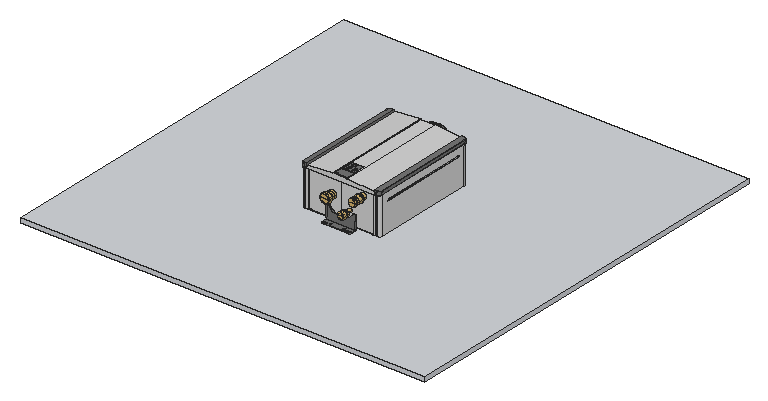
Revit family "Water_Heater-Rinnai-Ultra-Condensing-Tankless-RUC90i", category Mechanical Equipment, host Face, Revit 2012 (continued)
Definition of nested family "Water Heater"
  Automatic sketch dimensions
    plane 27 to curve 137 = 0.06257"
    curve 103 to plane 20 = 0.08334"
    curve 118 to plane 20 = 0.10317"
    plane 15 to curve 101 = 0.14131"
    curve 101 to curve 102 = 0.03504"
    plane 10 to curve 107 = 0.08799"
    plane 10 to curve 100 = 0.14922"
    plane 10 to curve 108 = 0.17772"
    plane 19 to curve 110 = 0.9498"
    curve 106 to curve 109 = 0"
    curve 100 to plane 8 = 0.68345"
    curve 112 to plane 8 = 0.65501"
    curve 112 to curve 109 = 0.08749"
    curve 114 to curve 95 = 0.34525"
    plane 8 to curve 104 = 0.05941"
    plane 8 to curve 101 = 0.05941"
    curve 102 to curve 101 = 0"
    curve 102 to curve 103 = 0.07442"
    curve 77 to plane 5 = 0"
    curve 78 to plane 8 = 0"
    plane 6 to curve 77 = 0"
    plane 8 to curve 67 = 0.22556"
    plane 5 to curve 67 = 0.52045"
    curve 69 to plane 7 = 0.41535"
    curve 67 to curve 69 = 0.48566"
    curve 69 to curve 69 = 0.02285"
    curve 68 to curve 69 = 0"
    curve 68 to curve 69 = 0.05004"
    curve 69 to curve 67 = 0.12848"
    curve 67 to curve 78 = 0.36823"
    curve 69 to curve 70 = 0.83945"
    curve 70 to curve 68 = 0"
    plane 14 to curve 86 = 0.66706"
    curve 86 to curve 83 = 0.06299"
    plane 27 to curve 81 = 0.06257"
    curve 84 to curve 81 = 0.11313"
    plane 14 to curve 82 = 0.01908"
    curve 82 to plane 14 = 0.14711"
    curve 80 to curve 82 = 0"
    curve 149 to plane 7 = 0.19831"
    plane 23 to curve 149 = 0.63676"
    curve 80 to plane 3 "Center (Left/Right)" = 0.01255"
    curve 148 to plane 7 = 0.17145"
    curve 148 to plane 12 = 0.44033"
    plane 27 to curve 87 = 0.15755"
    plane 21 to curve 87 = 0.61592"
    curve 80 to curve 87 = 0"
    plane 27 to curve 88 = 0.06257"
    curve 87 to curve 88 = 0.47629"
    curve 85 to plane 24 = 0.05637"
    plane 11 to curve 85 = 0.86344"
    curve 93 to level = 0.04045"
    curve 85 to curve 93 = 0.06299"
    plane 6 to curve 76 = 1.91844"
    curve 76 to curve 75 = 0"
    curve 79 to level = 0.04045"
    plane 6 to curve 79 = 1.52794"
    curve 79 to curve 74 = 0.3705"
    curve 73 to curve 72 = 0.13838"
    curve 72 to curve 72 = 0.03455"
    curve 75 to curve 72 = 0"
    curve 72 to curve 76 = 0.04004"
    plane 8 to curve 74 = 0.22539"
    plane 6 to curve 74 = 0.52016"
    curve 78 to level = 0.04045"
    curve 86 to level = 0.0398"
    curve 93 to plane 13 = 0.27812"
    curve 91 to curve 83 = 0.17992"
    plane 8 to curve 74 = 0.59333"
    curve 67 to curve 70 = 0.21409"
    curve 68 to curve 70 = 1/16"
    curve 73 to curve 75 = 0.15159"
    curve 75 to curve 76 = 1/16"
    Extrusion 1 sketch curve to plane 5 = 0"
    Extrusion 1 sketch curve to plane 6 = 0"
    plane 5 to Extrusion 1 sketch curve = 0.16126"
    plane 5 to Extrusion 1 sketch curve = 3/4"  (x2)
    Extrusion 1 sketch curve to plane 4 = 0.12422"
    Extrusion 1 sketch curve to Extrusion 1 sketch curve = 0.16126"  (x4)
    Extrusion 1 sketch curve to Extrusion 1 sketch curve = 0.58465"  (x2)
    plane 6 to Extrusion 1 sketch curve = 1.49591"
    Extrusion 1 sketch curve to plane 4 = 29/128"
    plane 6 to Extrusion 1 sketch curve = 0.91126"
    plane 6 to Extrusion 1 sketch curve = 0.16126"
    plane 5 to Extrusion 2 sketch curve = 1.27704"
    Extrusion 2 sketch curve to Extrusion 2 sketch curve = 7/256"  (x2)
    Extrusion 2 sketch curve to plane 3 "Center (Left/Right)" = 0.00497"
    plane 3 "Center (Left/Right)" to Extrusion 2 sketch curve = 0.00974"
    plane 6 to Extrusion 2 sketch curve = 1.30439"
    Sweep 3 sketch curve to plane 6 = 0"
    Sweep 3 sketch curve to plane 5 = 0"
    Sweep 3 sketch curve to plane 4 = 0.12422"
    plane 6 to Sweep 3 sketch curve = 3/4"  (x2)
    Sweep 3 sketch curve to Sweep 3 sketch curve = 0.74591"  (x2)
    plane 5 to Sweep 3 sketch curve = 1.49591"
    plane 5 to Sweep 3 sketch curve = 3/4"
    Sweep 3 sketch curve to profile plane = 0"  (x2)
    Sweep 3 sketch curve to Sweep 3 sketch curve = 0.0315"
    Extrusion 5 sketch curve to plane 4 = 0"
    Extrusion 5 sketch curve to Extrusion 5 sketch curve = 0.59345"
    Extrusion 5 sketch curve to Extrusion 5 sketch curve = 0.61479"
    plane 6 to Extrusion 5 sketch curve = 0.66792"
    Extrusion 6 sketch curve to plane 5 = 0.02756"
    plane 5 to Extrusion 6 sketch curve = 0.72244"  (x2)
    Extrusion 6 sketch curve to plane 4 = 1/128"  (x2)
    Extrusion 6 sketch curve to Extrusion 6 sketch curve = 0.435"
    plane 6 to Extrusion 6 sketch curve = 1.15744"
    plane 6 to Extrusion 6 sketch curve = 0.72244"  (x2)
    Extrusion 6 sketch curve to plane 6 = 0.02756"
    Extrusion 7 sketch curve to plane 5 = 0"
    plane 16 to Extrusion 7 sketch curve = 0.72706"
    plane 5 to Extrusion 8 sketch curve = 1.27704"
    Extrusion 8 sketch curve to Extrusion 8 sketch curve = 7/256"  (x2)
    Extrusion 8 sketch curve to plane 3 "Center (Left/Right)" = 0.00497"
    plane 3 "Center (Left/Right)" to Extrusion 8 sketch curve = 0.00974"
    plane 6 to Extrusion 8 sketch curve = 1.30439"
    plane 7 to Extrusion 9 sketch curve = 0.05435"
    Extrusion 9 sketch curve to plane 23 = 0.11207"
    plane 7 to Extrusion 9 sketch curve = 0.00161"  (x2)
    plane 23 to Extrusion 9 sketch curve = 0.08478"
    Extrusion 9 sketch curve to plane 7 = 0.15611"  (x2)
    Extrusion 9 sketch curve to Extrusion 9 sketch curve = 0.27318"
    Extrusion 9 sketch curve to Extrusion 9 sketch curve = 0.15748"  (x2)
    Extrusion 9 sketch curve to plane 12 = 0.43849"
    Extrusion 9 sketch curve to plane 21 = 0.06324"
    plane 21 to Extrusion 9 sketch curve = 0.13361"  (x2)
    Extrusion 9 sketch curve to plane 7 = 0.33935"
    Extrusion 9 sketch curve to Extrusion 9 sketch curve = 0.0422"
    plane 5 to Extrusion 10 sketch curve = 0.16126"
    Extrusion 10 sketch curve to Extrusion 10 sketch curve = 3/4"  (x2)
    Extrusion 10 sketch curve to Extrusion 10 sketch curve = 0.58465"
    plane 6 to Extrusion 10 sketch curve = 0.91126"  (x2)
    Extrusion 10 sketch curve to plane 4 = 29/128"
    plane 6 to Extrusion 10 sketch curve = 0.16126"
    plane 19 to Revolve 11 sketch curve = 0.25066"  (x2)
    Revolve 11 sketch curve to Revolve 11 sketch curve = 0.19632"
    Revolve 11 sketch curve to Revolve 11 sketch curve = 1.16267"
    Revolve 11 sketch curve to Revolve 11 sketch curve = 0.13556"
    plane 19 to Revolve 11 sketch curve = 0.03937"
    Revolve 11 sketch curve to plane 16 = 5.03831"
    Revolve 11 sketch curve to Revolve 11 sketch curve = 0.19606"
    plane 19 to Revolve 12 sketch curve = 0.25066"  (x2)
    Revolve 12 sketch curve to Revolve 12 sketch curve = 0.19632"
    Revolve 12 sketch curve to Revolve 12 sketch curve = 1.16267"
    Revolve 12 sketch curve to Revolve 12 sketch curve = 0.13556"
    plane 19 to Revolve 12 sketch curve = 0.03937"
    Revolve 12 sketch curve to plane 16 = 5.03831"
    Revolve 12 sketch curve to Revolve 12 sketch curve = 0.19606"
    Sweep 14 sketch curve to plane 3 "Center (Left/Right)" = 1/64"
    Sweep 14 sketch curve to plane 22 = 0.9765"
    Sweep 14 sketch curve to Sweep 14 sketch curve = 0"  (x4)
    Sweep 14 sketch curve to profile plane = 0"  (x2)
    profile plane to Sweep 14 sketch curve = 1.21666"
    profile plane to Sweep 14 sketch curve = 1.21033"
    Sweep 14 sketch curve to Sweep 14 sketch curve = 0.0386"
    Sweep 14 sketch curve to profile plane = 0.1979"
    Sweep 14 sketch curve to Sweep 14 sketch curve = 0.05055"
    Sweep 14 sketch curve to Sweep 14 sketch curve = 0.24211"
    Sweep 14 sketch curve to profile plane = 0.11491"
    Sweep 14 sketch curve to Sweep 14 sketch curve = 0.01705"
    Sweep 14 sketch curve to Sweep 14 sketch curve = 0.00185"
    Sweep 14 sketch curve to profile plane = 0.13491"
    Sweep 14 sketch curve to Sweep 14 sketch curve = 0.01471"
    Sweep 14 sketch curve to Sweep 14 sketch curve = 0.01869"
    Sweep 14 sketch curve to Sweep 14 sketch curve = 0.03188"
    Sweep 14 sketch curve to Sweep 14 sketch curve = 0.00379"
    Sweep 14 sketch curve to Sweep 14 sketch curve = 0.01985"
    Sweep 14 sketch curve to Sweep 14 sketch curve = 0.02907"
    Sweep 14 sketch curve to Sweep 14 sketch curve = 0.02"
    Sweep 14 sketch curve to Sweep 14 sketch curve = 0.11289"
    Sweep 14 sketch curve to Sweep 14 sketch curve = 0.02082"
    Sweep 14 sketch curve to Sweep 14 sketch curve = 0.0196"
    Sweep 14 sketch curve to Sweep 14 sketch curve = 0.17385"
    Sweep 14 sketch curve to Sweep 14 sketch curve = 0.03347"
    Sweep 14 sketch curve to Sweep 14 sketch curve = 0.16817"
    Sweep 14 sketch curve to profile plane = 0.03937"
    Sweep 14 sketch curve to Sweep 14 sketch curve = 0.03937"
    Sweep 14 sketch curve to Sweep 14 sketch curve = 0.07401"
    Sweep 14 sketch curve to Sweep 14 sketch curve = 0.19685"
    Sweep 14 sketch curve to Sweep 14 sketch curve = 0.0842"
    Sweep 14 sketch curve to Sweep 14 sketch curve = 0.00051"
    Sweep 14 sketch curve to Sweep 14 sketch curve = 0.02307"
    Sweep 14 sketch curve to Sweep 14 sketch curve = 0.14317"
    Sweep 14 sketch curve to Sweep 14 sketch curve = 1.09677"
    Sweep 14 sketch curve to Sweep 14 sketch curve = 0.08034"
    Sweep 14 sketch curve to Sweep 14 sketch curve = 0.12287"
    Sweep 14 sketch curve to Sweep 14 sketch curve = 0.03219"
    Extrusion 15 sketch curve to plane 3 "Center (Left/Right)" = 1/64"
    plane 19 to Extrusion 15 sketch curve = 1.02793"
    Revolve 16 sketch curve to plane 14 = 0.12393"
    Revolve 16 sketch curve to Revolve 16 sketch curve = 0.03504"
    plane 23 to Revolve 16 sketch curve = 0.13583"
    Revolve 16 sketch curve to Revolve 16 sketch curve = 0.1564"
    Revolve 16 sketch curve to plane 3 "Center (Left/Right)" = 0.00981"
    Revolve 16 sketch curve to plane 16 = 1.00882"
    Revolve 16 sketch curve to plane 16 = 0.68789"
    Revolve 16 sketch curve to Revolve 16 sketch curve = 0.037"
    Revolve 16 sketch curve to Revolve 16 sketch curve = 0.07874"
    plane 16 to Revolve 16 sketch curve = 0.72706"  (x2)
    plane 5 to Revolve 17 sketch curve = 1.26381"
    Revolve 17 sketch curve to Revolve 17 sketch curve = 0.08779"
    Revolve 17 sketch curve to Revolve 17 sketch curve = 1.97914"
    Revolve 17 sketch curve to Revolve 17 sketch curve = 0"  (x3)
    plane 4 to Revolve 17 sketch curve = 0.16817"
    Revolve 17 sketch curve to Revolve 17 sketch curve = 0.98144"
    Revolve 17 sketch curve to Revolve 17 sketch curve = 0.07874"
    plane 22 to Extrusion 18 sketch curve = 0.06809"
    plane 5 to Extrusion 18 sketch curve = 0.96853"
    Extrusion 18 sketch curve to plane 8 = 0.34525"
    Extrusion 18 sketch curve to Extrusion 18 sketch curve = 1 1/4"
    Extrusion 18 sketch curve to plane 10 = 0.28029"
    plane 14 to Extrusion 18 sketch curve = 1.91706"  (x2)
    Extrusion 18 sketch curve to plane 19 = 0.0894"
    plane 14 to Extrusion 19 sketch curve = 0.07257"
    plane 8 to Extrusion 19 sketch curve = 0.24136"
    plane 23 to Extrusion 19 sketch curve = 0.91142"  (x2)
    Extrusion 19 sketch curve to plane 20 = 0.10317"
    Extrusion 19 sketch curve to plane 12 = 0.02294"  (x2)
    Extrusion 19 sketch curve to plane 19 = 0.17601"
    plane 14 to Extrusion 20 sketch curve = 0.60587"
    Extrusion 20 sketch curve to Extrusion 20 sketch curve = 0.21663"
    Extrusion 20 sketch curve to Extrusion 20 sketch curve = 0.08337"
    Extrusion 20 sketch curve to Extrusion 20 sketch curve = 0.11714"  (x2)
    Extrusion 20 sketch curve to plane 14 = 0.10821"
    Extrusion 20 sketch curve to plane 23 = 0.24361"
    plane 23 to Extrusion 20 sketch curve = 0.53101"
    Extrusion 20 sketch curve to plane 12 = 0.3808"
    plane 21 to Extrusion 20 sketch curve = 0.23419"
    Extrusion 20 sketch curve to Extrusion 20 sketch curve = 0.41418"
    Extrusion 20 sketch curve to Extrusion 20 sketch curve = 0.26687"
    Extrusion 20 sketch curve to Extrusion 20 sketch curve = 0.02665"
    plane 11 to Extrusion 20 sketch curve = 0.8645"
    Extrusion 20 sketch curve to Extrusion 20 sketch curve = 0.06998"  (x2)
    Extrusion 20 sketch curve to Extrusion 20 sketch curve = 0.07943"  (x2)
    Extrusion 20 sketch curve to Extrusion 20 sketch curve = 0.07035"
    Extrusion 20 sketch curve to Extrusion 20 sketch curve = 0.10791"  (x2)
    Extrusion 21 sketch curve to plane 28 = 0"
    plane 29 to Extrusion 21 sketch curve = 0"
    plane 28 to Extrusion 21 sketch curve = 0.11313"
    plane 14 to Extrusion 21 sketch curve = 0.01908"
    Extrusion 21 sketch curve to plane 14 = 0.14711"
    Extrusion 21 sketch curve to Extrusion 21 sketch curve = 0"  (x2)
    Extrusion 21 sketch curve to plane 3 "Center (Left/Right)" = 0.01255"
    plane 27 to Extrusion 21 sketch curve = 0.15755"
    plane 21 to Extrusion 21 sketch curve = 0.61592"
    plane 27 to Extrusion 21 sketch curve = 0.06257"
    Extrusion 21 sketch curve to Extrusion 21 sketch curve = 0.16453"
    plane 29 to Extrusion 21 sketch curve = 0.10742"
    Extrusion 21 sketch curve to plane 24 = 0.05637"
    Extrusion 22 sketch curve to Extrusion 22 sketch curve = 0.11952"
    Extrusion 22 sketch curve to plane 25 = 0.01157"
    Extrusion 22 sketch curve to Extrusion 22 sketch curve = 0.12047"
    Extrusion 22 sketch curve to plane 13 = 0.39764"
    Extrusion 23 sketch curve to level = 0.02001"
    Extrusion 23 sketch curve to Extrusion 23 sketch curve = 0.12"
    Extrusion 23 sketch curve to Extrusion 23 sketch curve = 0.12047"
    plane 27 to Extrusion 23 sketch curve = 0.47562"
    Extrusion 24 sketch curve to plane 14 = 0.60587"
    Extrusion 24 sketch curve to Extrusion 24 sketch curve = 0.21663"
    Extrusion 24 sketch curve to Extrusion 24 sketch curve = 0.08337"
    Extrusion 24 sketch curve to Extrusion 24 sketch curve = 0.11714"  (x2)
    plane 14 to Extrusion 24 sketch curve = 0.10821"
    plane 23 to Extrusion 24 sketch curve = 0.24361"
    Extrusion 24 sketch curve to plane 23 = 0.53101"
    plane 12 to Extrusion 24 sketch curve = 0.3808"
    Extrusion 24 sketch curve to plane 21 = 0.23419"
    Extrusion 24 sketch curve to Extrusion 24 sketch curve = 0.41418"
    Extrusion 24 sketch curve to Extrusion 24 sketch curve = 0.26687"
    Extrusion 24 sketch curve to Extrusion 24 sketch curve = 0.02665"
    plane 4 to Extrusion 24 sketch curve = 0.12422"
    Extrusion 24 sketch curve to plane 11 = 0.8645"
    Extrusion 24 sketch curve to plane 4 = 0.76189"  (x2)
    Extrusion 24 sketch curve to plane 4 = 0.89402"  (x2)
    Extrusion 24 sketch curve to Extrusion 24 sketch curve = 0.06998"  (x2)
    Extrusion 24 sketch curve to Extrusion 24 sketch curve = 0.07943"  (x2)
    Extrusion 24 sketch curve to Extrusion 24 sketch curve = 0.07035"
    Extrusion 24 sketch curve to Extrusion 24 sketch curve = 0.10791"  (x2)
    Extrusion 25 sketch curve to plane 30 = 0"
    plane 31 to Extrusion 25 sketch curve = 0"
    plane 30 to Extrusion 25 sketch curve = 0.11313"
    plane 14 to Extrusion 25 sketch curve = 0.01908"
    Extrusion 25 sketch curve to plane 14 = 0.14711"
    Extrusion 25 sketch curve to Extrusion 25 sketch curve = 0"  (x2)
    Extrusion 25 sketch curve to plane 3 "Center (Left/Right)" = 0.01255"
    plane 27 to Extrusion 25 sketch curve = 0.15755"
    plane 21 to Extrusion 25 sketch curve = 0.61592"
    plane 27 to Extrusion 25 sketch curve = 0.06257"
    Extrusion 25 sketch curve to Extrusion 25 sketch curve = 0.16453"
    plane 31 to Extrusion 25 sketch curve = 0.10742"
    Extrusion 25 sketch curve to plane 24 = 0.05637"
    plane 13 to Extrusion 26 sketch curve = 0.39764"
    Extrusion 26 sketch curve to plane 4 = 0.2455"
    Extrusion 26 sketch curve to Extrusion 26 sketch curve = 0.11952"
    plane 25 to Extrusion 26 sketch curve = 0.01157"
    Extrusion 26 sketch curve to Extrusion 26 sketch curve = 0.12047"
    Extrusion 26 sketch curve to Extrusion 26 sketch curve = 0.15607"
    level to Extrusion 27 sketch curve = 0.02001"
    Extrusion 27 sketch curve to plane 4 = 0.2455"
    Extrusion 27 sketch curve to Extrusion 27 sketch curve = 0.12"
    Extrusion 27 sketch curve to Extrusion 27 sketch curve = 0.12047"
    plane 4 to Extrusion 27 sketch curve = 0.03009"
    Extrusion 27 sketch curve to plane 27 = 0.47562"
    Masking region 1 sketch curve to plane 4 = 0"  (x2)
    Masking region 1 sketch curve to plane 5 = 0.01381"
    plane 5 to Masking region 1 sketch curve = 0.72244"  (x2)
    Masking region 1 sketch curve to plane 4 = 1/128"
    Masking region 1 sketch curve to Masking region 1 sketch curve = 0.24092"
    Masking region 1 sketch curve to Masking region 1 sketch curve = 0.30044"
    plane 4 to Masking region 1 sketch curve = 0.16817"
    Masking region 1 sketch curve to Masking region 1 sketch curve = 0.38823"
    plane 14 to Masking region 1 sketch curve = 1.05024"
    Masking region 1 sketch curve to Masking region 1 sketch curve = 0.0879"
    Masking region 1 sketch curve to Masking region 1 sketch curve = 0.38318"
    plane 14 to Masking region 1 sketch curve = 0.07257"
    plane 14 to Masking region 1 sketch curve = 0.03453"
    Masking region 1 sketch curve to plane 14 = 0.00484"
    Masking region 1 sketch curve to plane 14 = 0.06748"
    Masking region 1 sketch curve to Masking region 1 sketch curve = 0.04668"  (x2)
    Masking region 1 sketch curve to plane 14 = 0.12393"
    Masking region 1 sketch curve to Masking region 1 sketch curve = 0.03504"  (x2)
    plane 23 to Masking region 1 sketch curve = 0.13583"
    Masking region 1 sketch curve to plane 21 = 0.13376"
    plane 21 to Masking region 1 sketch curve = 0.60911"
    plane 4 to Masking region 1 sketch curve = 0.25285"
    plane 21 to Masking region 1 sketch curve = 0.6422"
    Masking region 1 sketch curve to Masking region 1 sketch curve = 0.10737"
    Masking region 1 sketch curve to Masking region 1 sketch curve = 0.03937"  (x3)
    Masking region 1 sketch curve to Masking region 1 sketch curve = 0.15177"
    plane 6 to Masking region 1 sketch curve = 0.72244"
    plane 6 to Masking region 1 sketch curve = 0.67054"
    Masking region 1 sketch curve to plane 6 = 0.01381"
    Masking region 1 sketch curve to Masking region 1 sketch curve = 3/4"
    plane 4 to Masking region 1 sketch curve = 0.16929"
    plane 4 to Masking region 1 sketch curve = 0.22589"
    Masking region 1 sketch curve to Masking region 1 sketch curve = 0.02695"  (x2)
    Masking region 1 sketch curve to Masking region 1 sketch curve = 0.98144"
    Masking region 1 sketch curve to Masking region 1 sketch curve = 0.98031"
    Masking region 1 sketch curve to Masking region 1 sketch curve = 0.07874"  (x2)
    Masking region 1 sketch curve to plane 16 = 0.92411"  (x2)
    Masking region 1 sketch curve to Masking region 1 sketch curve = 0.19685"  (x2)
    Masking region 1 sketch curve to Masking region 1 sketch curve = 0.037"  (x2)
    Masking region 1 sketch curve to plane 16 = 0.57215"
    plane 16 to Masking region 1 sketch curve = 0.72706"
    Masking region 2 sketch curve to plane 5 = 0"
    plane 6 to Masking region 2 sketch curve = 0"
    Masking region 2 sketch curve to plane 24 = 0"
    plane 24 to Masking region 4 sketch curve = 0"
    plane 16 to Masking region 4 sketch curve = 0.72706"
    Masking region 5 sketch curve to plane 8 = 0"
    Masking region 5 sketch curve to level = 0.04124"
    Masking region 5 sketch curve to plane 4 = 0.12288"
    Masking region 5 sketch curve to plane 16 = 2.67"
    Masking region 5 sketch curve to plane 15 = 0.02389"
    Masking region 5 sketch curve to Masking region 5 sketch curve = 0.34877"
    Masking region 5 sketch curve to Masking region 5 sketch curve = 0.22589"
    Masking region 5 sketch curve to Masking region 5 sketch curve = 0.06793"
    plane 15 to Masking region 5 sketch curve = 0.08481"
    Masking region 5 sketch curve to plane 16 = 1.04598"
    Masking region 5 sketch curve to Masking region 5 sketch curve = 0.03716"
    plane 8 to Masking region 5 sketch curve = 0.04817"
    Masking region 5 sketch curve to plane 16 = 0.92411"
    Masking region 5 sketch curve to Masking region 5 sketch curve = 0.08471"
    Masking region 5 sketch curve to Masking region 5 sketch curve = 0.19685"  (x2)
    Masking region 5 sketch curve to plane 20 = 0.08334"
    Masking region 5 sketch curve to Masking region 5 sketch curve = 0.03937"  (x3)
    Masking region 5 sketch curve to Masking region 5 sketch curve = 0.037"  (x2)
    Masking region 5 sketch curve to Masking region 5 sketch curve = 0.07874"  (x2)
    plane 10 to Masking region 5 sketch curve = 0.14922"
    plane 16 to Masking region 5 sketch curve = 0.72706"
    Masking region 5 sketch curve to Masking region 5 sketch curve = 0.08089"
    plane 15 to Masking region 5 sketch curve = 0.0686"
    plane 15 to Masking region 5 sketch curve = 0.14131"
    Masking region 5 sketch curve to Masking region 5 sketch curve = 0.03504"  (x2)
    Masking region 5 sketch curve to plane 8 = 0.68345"
    plane 8 to Masking region 5 sketch curve = 0.05941"
    Masking region 5 sketch curve to Masking region 5 sketch curve = 0.03505"
    Masking region 5 sketch curve to Masking region 5 sketch curve = 0.08566"
    plane 8 to Masking region 5 sketch curve = 0.24136"
    Masking region 6 sketch curve to plane 5 = 0"
    Masking region 6 sketch curve to plane 6 = 0"
    plane 16 to Masking region 6 sketch curve = 0.72706"
    plane 23 to Extrusion 28 sketch curve = 0.63676"
    Extrusion 28 sketch curve to Extrusion 28 sketch curve = 0.06"  (x3)
    Extrusion 28 sketch curve to plane 12 = 0.38033"  (x2)
    Extrusion 28 sketch curve to Extrusion 28 sketch curve = 1.755"
    curve 67 to curve 69 = 0.33187"
    curve 73 to curve 75 = 0.07509"
    Extrusion 13 sketch curve to plane 5 = 0.23785"
    Extrusion 13 sketch curve to plane 5 = 0.03521"
    plane 5 to Extrusion 13 sketch curve = 0.03289"
    Extrusion 13 sketch curve to Extrusion 13 sketch curve = 0"  (x2)
    plane 5 to Extrusion 13 sketch curve = 0.04544"
    plane 8 to Extrusion 13 sketch curve = 0.19414"  (x2)
    plane 5 to Extrusion 13 sketch curve = 1.15744"
    plane 8 to Extrusion 13 sketch curve = 0.02539"  (x2)
    Extrusion 13 sketch curve to Extrusion 13 sketch curve = 0.17596"
    Extrusion 13 sketch curve to plane 3 "Center (Left/Right)" = 0.02677"
    plane 3 "Center (Left/Right)" to Extrusion 13 sketch curve = 0.01184"
    plane 6 to Extrusion 13 sketch curve = 1.35744"
    Extrusion 13 sketch curve to Extrusion 13 sketch curve = 0.2"
    plane 6 to Extrusion 13 sketch curve = 0.06604"
    plane 6 to Extrusion 13 sketch curve = 0.05362"
    Extrusion 13 sketch curve to plane 6 = 0.01381"
    Extrusion 13 sketch curve to plane 6 = 0.21381"
    plane 24 to Extrusion 13 sketch curve = 48.09837"
    Extrusion 13 sketch curve to Extrusion 13 sketch curve = 0.0012"
    Extrusion 1 sketch curve to Extrusion 1 sketch curve = 0.06299"  (x2)
    Extrusion 2 sketch curve to Extrusion 2 sketch curve = 0.01019"
    Extrusion 8 sketch curve to Extrusion 8 sketch curve = 0.01019"
    plane 1 "Center (Front/Back)" to curve 99 = 10.76797"
    curve 137 to curve 96 = 2.02615"
    curve 141 to curve 137 = 0.00051"
    curve 135 to curve 137 = 0.07826"
    plane 1 "Center (Front/Back)" to Extrusion 1 sketch curve = 12.00728"  (x2)
    plane 1 "Center (Front/Back)" to Extrusion 2 sketch curve = 12.75728"
    plane 1 "Center (Front/Back)" to Sweep 3 sketch curve = 12.07027"  (x2)
    Extrusion 5 sketch curve to Extrusion 5 sketch curve = 0.68312"
    plane 1 "Center (Front/Back)" to Extrusion 5 sketch curve = 12.46688"
    plane 1 "Center (Front/Back)" to Extrusion 6 sketch curve = 12.4"  (x2)
    plane 1 "Center (Front/Back)" to Extrusion 7 sketch curve = 14.56214"
    plane 1 "Center (Front/Back)" to Extrusion 8 sketch curve = 12.75728"
    plane 1 "Center (Front/Back)" to Extrusion 10 sketch curve = 12.00728"
    plane 1 "Center (Front/Back)" to Revolve 11 sketch curve = 9.47992"
    plane 1 "Center (Front/Back)" to Revolve 12 sketch curve = 9.47992"
    plane 1 "Center (Front/Back)" to Extrusion 20 sketch curve = 14.56214"
    Extrusion 20 sketch curve to Extrusion 20 sketch curve = 0.13195"
    Extrusion 20 sketch curve to Extrusion 20 sketch curve = 0.20211"  (x2)
    Extrusion 20 sketch curve to Extrusion 20 sketch curve = 1.14728"
    plane 1 "Center (Front/Back)" to Extrusion 22 sketch curve = 13.17362"
    Extrusion 22 sketch curve to Extrusion 22 sketch curve = 0.15607"
    plane 1 "Center (Front/Back)" to Extrusion 23 sketch curve = 13.17362"
    Extrusion 23 sketch curve to Extrusion 23 sketch curve = 0.15512"
    plane 1 "Center (Front/Back)" to Masking region 1 sketch curve = 12.4"  (x2)
    Masking region 1 sketch curve to Masking region 1 sketch curve = 0.14296"
    plane 1 "Center (Front/Back)" to Masking region 4 sketch curve = 14.56214"
    plane 1 "Center (Front/Back)" to Masking region 5 sketch curve = 12.81978"
    Masking region 5 sketch curve to Masking region 5 sketch curve = 0.73137"
    plane 1 "Center (Front/Back)" to Masking region 6 sketch curve = 14.56214"
    plane 1 "Center (Front/Back)" to Extrusion 28 sketch curve = 12.6188"
    Extrusion 9 sketch curve to Extrusion 9 sketch curve = 0.43951"
    plane 7 to Extrusion 13 sketch curve = 0.18429"  (x2)
    Masking region 2 sketch curve to plane 7 = 0.14124"
    Masking region 4 sketch curve to plane 7 = 0.14124"
    Masking region 5 sketch curve to plane 7 = 0.14124"
    curve 94 to curve 94 = 0.08577"
    Extrusion 4 sketch curve to plane 3 "Center (Left/Right)" = 0"
    Extrusion 4 sketch curve to plane 33 = 0"
    plane 23 to Extrusion 4 sketch curve = 0.65785"
    Extrusion 4 sketch curve to plane 33 = 0.56589"  (x2)
    Extrusion 4 sketch curve to plane 3 "Center (Left/Right)" = 8.09256"
    Extrusion 4 sketch curve to plane 5 = 9/32"
    Extrusion 4 sketch curve to plane 12 = 0.29613"
    plane 3 "Center (Left/Right)" to Extrusion 4 sketch curve = 8.09256"
    Extrusion 4 sketch curve to plane 6 = 9/32"
    plane 8 to Extrusion 4 sketch curve = 0.19414"  (x2)
    Masking region 3 sketch curve to plane 5 = 0"
    Masking region 3 sketch curve to plane 5 = 0.01381"
    plane 5 to Masking region 3 sketch curve = 0.05362"
    Masking region 3 sketch curve to Masking region 3 sketch curve = 0"  (x4)
    plane 5 to Masking region 3 sketch curve = 0.06604"
    plane 8 to Masking region 3 sketch curve = 0.19414"
    Masking region 3 sketch curve to Masking region 3 sketch curve = 0.46603"
    plane 8 to Masking region 3 sketch curve = 0.22539"  (x2)
    Masking region 3 sketch curve to Masking region 3 sketch curve = 0.05413"  (x2)
    Masking region 3 sketch curve to Masking region 3 sketch curve = 0.63728"
    Masking region 3 sketch curve to plane 25 = 0.01157"
    plane 14 to Masking region 3 sketch curve = 0.66706"
    Masking region 3 sketch curve to Masking region 3 sketch curve = 0.06299"
    plane 33 to Masking region 3 sketch curve = 0.02703"  (x2)
    plane 23 to Masking region 3 sketch curve = 0.28544"
    Masking region 3 sketch curve to plane 33 = 0.01487"  (x2)
    Masking region 3 sketch curve to Masking region 3 sketch curve = 0.07258"  (x2)
    plane 7 to Masking region 3 sketch curve = 0.11665"  (x2)
    Masking region 3 sketch curve to Masking region 3 sketch curve = 0.15748"
    plane 23 to Masking region 3 sketch curve = 0.65785"
    Masking region 3 sketch curve to plane 3 "Center (Left/Right)" = 0.01184"
    plane 3 "Center (Left/Right)" to Masking region 3 sketch curve = 0.01184"
    Masking region 3 sketch curve to plane 12 = 0.29613"
    Masking region 3 sketch curve to plane 12 = 0.43849"
    Masking region 3 sketch curve to plane 24 = 0.00215"
    plane 11 to Masking region 3 sketch curve = 0.86256"
    Masking region 3 sketch curve to plane 25 = 0.01186"
    Masking region 3 sketch curve to Masking region 3 sketch curve = 0.06133"
    Masking region 3 sketch curve to plane 33 = 0.14924"
    plane 6 to Masking region 3 sketch curve = 1.15744"
    plane 6 to Masking region 3 sketch curve = 0.52016"
    plane 6 to Masking region 3 sketch curve = 0.06604"
    plane 6 to Masking region 3 sketch curve = 0.05362"
    Masking region 3 sketch curve to plane 6 = 0.00046"
    Masking region 3 sketch curve to Masking region 3 sketch curve = 0.07985"
    Masking region 3 sketch curve to Masking region 3 sketch curve = 21.46811"
    Masking region 3 sketch curve to level = 0.04046"
    Masking region 3 sketch curve to level = 0.04045"
    Masking region 3 sketch curve to Masking region 3 sketch curve = 1/32"
    curve 1 to plane 32 = 0"
    curve 13 to plane 4 = 0"
    curve 3 to plane 32 = 0"
    curve 4 to plane 32 = 0"
    curve 57 to plane 4 = 0"
    curve 58 to plane 4 = 0"
    curve 2 to plane 32 = 0"
    curve 1 to plane 4 = 1/128"
    plane 5 to curve 1 = 0.91417"
    plane 4 to curve 6 = 0.16817"
    curve 1 to curve 6 = 0.43742"
    curve 5 to curve 6 = 0"  (x2)
    plane 14 to curve 6 = 1.05012"
    curve 6 to curve 47 = 0.38306"
    curve 13 to curve 48 = 0"
    curve 13 to curve 46 = 0.06119"
    plane 32 to curve 24 = 0.01515"
    plane 14 to curve 24 = 0.60587"
    curve 46 to curve 51 = 0.21663"
    curve 24 to curve 27 = 0.21663"
    plane 14 to curve 45 = 0.30587"
    plane 14 to curve 22 = 0.30587"
    curve 26 to curve 26 = 0.11714"
    curve 52 to curve 51 = 0.11714"
    plane 4 to curve 49 = 0.0329"
    plane 14 to curve 49 = 0.07052"
    plane 14 to curve 10 = 0.03453"
    curve 12 to plane 14 = 0.07083"
    curve 31 to plane 14 = 0.10821"
    curve 54 to plane 14 = 0.10821"
    curve 11 to plane 14 = 0.11"
    curve 44 to plane 14 = 0.1136"
    curve 9 to plane 14 = 0.15897"
    curve 8 to curve 9 = 0"
    curve 33 to plane 23 = 0.24361"
    curve 3 to plane 23 = 0.11207"
    plane 23 to curve 7 = 0.13583"
    plane 23 to curve 34 = 0.53101"
    plane 23 to curve 17 = 0.63676"
    curve 17 to curve 18 = 0.06"
    curve 15 to curve 15 = 0.06"
    curve 21 to plane 12 = 0.38033"
    curve 19 to plane 12 = 0.38033"
    curve 35 to plane 12 = 0.3808"
    curve 21 to curve 20 = 0.06"
    curve 7 to plane 21 = 0.13386"
    plane 21 to curve 4 = 0.13361"
    plane 21 to curve 36 = 0.23419"
    plane 21 to curve 8 = 0.60901"
    curve 9 to curve 8 = 0"
    curve 9 to curve 11 = 0.03166"
    curve 55 to curve 11 = 0"
    curve 36 to curve 39 = 0.41418"
    curve 55 to curve 65 = 0.00771"
    plane 4 to curve 12 = 0.22589"
    curve 4 to curve 12 = 0.55216"
    curve 9 to curve 10 = 0.18188"
    curve 12 to curve 13 = 0.15478"
    curve 59 to curve 13 = 0"
    curve 65 to curve 62 = 0.26687"
    curve 36 to curve 40 = 0.26687"
    curve 61 to curve 61 = 0.11714"
    curve 41 to curve 41 = 0.11714"
    curve 61 to curve 55 = 0.02665"
    curve 40 to curve 22 = 0.02665"
    plane 4 to curve 60 = 0.2455"
    curve 59 to curve 60 = 0.52256"
    plane 32 to curve 25 = 0.00202"
    plane 11 to curve 25 = 0.8645"
    curve 60 to curve 58 = 0.06406"
    plane 6 to curve 2 = 0.91417"
    curve 34 to plane 32 = 0.82618"
    curve 35 to plane 32 = 0.82618"
    curve 29 to plane 32 = 0.9583"
    curve 42 to plane 32 = 0.9583"
    curve 33 to curve 26 = 0.06998"
    curve 39 to curve 41 = 0.06998"
    curve 40 to curve 41 = 0.07943"
    curve 28 to curve 26 = 0.07943"
    curve 66 to curve 40 = 0.07035"
    curve 31 to curve 31 = 0.10791"
    curve 39 to curve 39 = 0.10791"
    plane 32 to curve 18 = 0.5312"
    curve 16 to curve 16 = 1.755"
    curve 2 to plane 4 = 1/128"
    curve 13 to curve 59 = 0.0329"
    curve 49 to curve 48 = 0.13639"
    curve 48 to curve 48 = 0.07621"
    curve 47 to curve 52 = 0.64852"
    curve 12 to curve 62 = 0.66812"
    curve 62 to curve 65 = 0.06998"
    curve 51 to curve 54 = 0.06998"
    curve 63 to curve 64 = 0.07943"
    curve 51 to curve 50 = 0.07943"
    curve 61 to curve 57 = 0.07035"
    curve 50 to curve 45 = 0.07441"
    curve 65 to curve 65 = 0.10791"
    curve 54 to curve 54 = 0.10791"
    curve 6 to curve 5 = 0.98144"
    curve 55 to curve 11 = 0.39803"
    curve 11 to curve 10 = 0.19685"
    curve 10 to curve 9 = 0.03937"
    curve 9 to curve 8 = 0.037"
    curve 7 to plane 16 = 0.57215"
    curve 147 to curve 99 = 2.75755"
    curve 15 to curve 154 = 0.07121"
    curve 154 to curve 155 = 0.06"
    curve 153 to curve 153 = 0.06151"
    curve 153 to curve 162 = 0.33943"
    curve 161 to curve 160 = 0.03527"
    curve 162 to curve 166 = 0.04"
    curve 165 to curve 169 = 0.03926"
    curve 155 to curve 170 = 0.4202"
    curve 168 to curve 168 = 1/4"
    curve 170 to curve 171 = 1/4"
    curve 163 to plane 3 "Center (Left/Right)" = 0.08965"
    curve 163 to curve 163 = 0.04"
    curve 167 to curve 167 = 0.04"
    plane 3 "Center (Left/Right)" to curve 173 = 0.43832"
    plane 3 "Center (Left/Right)" to curve 174 = 0.43832"
    curve 172 to curve 172 = 1/4"
    curve 174 to curve 175 = 1/4"
    curve 159 to plane 12 = 0.15896"
    curve 157 to plane 12 = 0.15896"
    curve 157 to curve 158 = 0.06"
    curve 15 to curve 155 = 0.0617"
    curve 155 to curve 170 = 0.46178"
    curve 170 to curve 173 = 0"
    curve 172 to curve 174 = 0.70658"
    curve 170 to curve 168 = 0.70871"
    curve 168 to curve 166 = 0.8554"
    curve 167 to curve 163 = 0.45418"
    curve 162 to curve 153 = 0.271"
    plane 23 to Extrusion 29 sketch curve = 0.76797"
    Extrusion 29 sketch curve to Extrusion 29 sketch curve = 0.06"  (x2)
    Extrusion 29 sketch curve to Extrusion 29 sketch curve = 0.06151"
    Extrusion 29 sketch curve to plane 12 = 0.15896"  (x2)
    plane 32 to Extrusion 29 sketch curve = 2.4679"
    Extrusion 29 sketch curve to Extrusion 29 sketch curve = 2.79581"
    Extrusion 30 sketch curve to plane 3 "Center (Left/Right)" = 0.95508"
    Extrusion 30 sketch curve to Extrusion 30 sketch curve = 0.03527"
    Extrusion 30 sketch curve to Extrusion 30 sketch curve = 0.04"  (x2)
    Extrusion 30 sketch curve to plane 3 "Center (Left/Right)" = 0.62582"  (x2)
    Extrusion 30 sketch curve to plane 3 "Center (Left/Right)" = 0.08965"  (x2)
    plane 12 to Extrusion 30 sketch curve = 0.48168"  (x2)
    plane 32 to Extrusion 30 sketch curve = 2.98968"
    Extrusion 30 sketch curve to Extrusion 30 sketch curve = 0"
    Extrusion 30 sketch curve to Extrusion 30 sketch curve = 0.70658"
    Extrusion 30 sketch curve to Extrusion 30 sketch curve = 0.70871"
    Extrusion 30 sketch curve to Extrusion 30 sketch curve = 0.8554"
    Extrusion 30 sketch curve to Extrusion 30 sketch curve = 0.45418"
    radius of Sweep 14 sketch curve = 2.53"
    radius of Extrusion 15 sketch curve = 2.76047"
    radius of Extrusion 20 sketch curve = 1/4"  (x2)
    radius of Extrusion 24 sketch curve = 1/4"  (x2)
    radius of curve 34 = 1/4"
    radius of curve 35 = 1/4"
    radius of Extrusion 30 sketch curve = 1/4"  (x4)
Definition of nested family "Pipes"
  Parameters (values of type "Pipes")
    Pipe Material = Metal - Rinnai - Aluminum Frame - Brass - Stain
  Reference planes (in)
    plane 1 "Center (Front/Back)": y = 0
    plane 2: z = 0
    plane 3 "Center (Left/Right)": x = 0
    plane 4: y = 1.33858
    plane 5: z = 0.505
  Forms (in)
    Revolve 1, solid, material "Metal - Rinnai - Aluminum Frame - Brass - Stain" <- "Pipe Material", detail levels fine
      sketch origin (0, 0, 5.73209) x (1, 0, 0) y (0, 1, 0)
        loop
          line (-3.57004, -0.9459) -> (-2.57004, -0.9459) -> (-2.57004, 1.33858) -> (-3.44946, 1.33858) -> (-3.41727, 0.72441) -> (-3.47911, 0.72441) -> (-3.47911, 0.07292)
          arc (-3.47911, 0.07292) -> (-3.48697, 0.05393) -> (-3.50597, 0.04606) r 0.02686
          line (-3.50597, 0.04606) -> (-3.54269, 0.04606)
          arc (-3.54269, 0.04606) -> (-3.58891, 0.03368) -> (-3.62274, -0.00015) r 0.09243
          line (-3.62274, -0.00015) -> (-3.68471, -0.10749)
          arc (-3.68471, -0.10749) -> (-3.70531, -0.15723) -> (-3.71234, -0.21061) r 0.20624
          line (-3.71234, -0.21061) -> (-3.71234, -0.86374) -> (-3.57004, -0.9459)
        axis (-2.57004, 1.33858) -> (-2.57004, -0.9459)
      angle from 0 to 360
    Revolve 2, solid, material "Metal - Rinnai - Aluminum Frame - Brass - Stain" <- "Pipe Material", detail levels fine
      sketch origin (0, 0, 3.75493) x (1, 0, 0) y (0, 1, 0)
        loop
          arc (1.27156, 0.03516) -> (1.26126, 0.0103) -> (1.2364, 0) r 0.03516
          line (1.2364, 0) -> (0.95449, 0)
          arc (0.95449, 0) -> (0.92311, -0.013) -> (0.91011, -0.04439) r 0.04439
          line (0.91011, -0.04439) -> (0.91011, -0.53932)
          arc (0.91011, -0.53932) -> (0.90677, -0.56981) -> (0.89691, -0.59886) r 0.14089
          line (0.89691, -0.59886) -> (0.84056, -0.7197)
          arc (0.84056, -0.7197) -> (0.83312, -0.74161) -> (0.8306, -0.76462) r 0.10629
          line (0.8306, -0.76462) -> (0.8306, -1.44122) -> (0.9619, -1.52012) -> (1.64829, -1.52012) -> (1.64829, 1.33858) -> (1.27156, 1.33858) -> (1.27156, 0.03516)
        axis (1.64829, 1.33858) -> (1.64829, -1.52012)
      angle from 0 to 360
    Revolve 3, solid, material "Metal - Rinnai - Aluminum Frame - Brass - Stain" <- "Pipe Material", detail levels fine
      sketch origin (0.0625, 0, 7.82256) x (1, 0, 0) y (0, 1, 0)
        loop
          line (4.63913, 1.33858) -> (3.89727, 1.33858) -> (3.89727, 0.57916)
          arc (3.89727, 0.57916) -> (3.90169, 0.55689) -> (3.91431, 0.53801) r 0.05818
          line (3.91431, 0.53801) -> (3.97376, 0.47857)
          arc (3.97376, 0.47857) -> (3.97799, 0.4573) -> (3.95995, 0.44525) r 0.01952
          line (3.95995, 0.44525) -> (3.75631, 0.44525)
          arc (3.75631, 0.44525) -> (3.73498, 0.43641) -> (3.72615, 0.41509) r 0.03016
          line (3.72615, 0.41509) -> (3.72615, 0.22228)
          arc (3.72615, 0.22228) -> (3.73313, 0.20014) -> (3.75155, 0.186) r 0.03861
          line (3.75155, 0.186) -> (3.79036, 0.17188)
          arc (3.79036, 0.17188) -> (3.80249, 0.16257) -> (3.80708, 0.148) r 0.02541
          line (3.80708, 0.148) -> (3.80708, -0.96244)
          arc (3.80708, -0.96244) -> (3.76912, -0.97853) -> (3.75344, -1.01667) r 0.05423
          line (3.75344, -1.01667) -> (3.75344, -1.4647)
          arc (3.75344, -1.4647) -> (3.75919, -1.4936) -> (3.77555, -1.51809) r 0.07551
          line (3.77555, -1.51809) -> (3.82296, -1.5655)
          arc (3.82296, -1.5655) -> (3.83493, -1.58341) -> (3.83913, -1.60454) r 0.05521
          line (3.83913, -1.60454) -> (3.83913, -1.9303) -> (4.63913, -1.9303) -> (4.63913, 1.33858)
        axis (4.63913, 1.33858) -> (4.63913, -1.9303)
      angle from 0 to 360
    Revolve 4, solid, material "Metal - Rinnai - Aluminum Frame - Brass - Stain" <- "Pipe Material", detail levels coarse+medium
      sketch origin (5.61347, -180, 7.82256) x (-1, 0, 0) y (0, -1, 0)
        loop
          line (0.91184, -181.33858) -> (1.79851, -181.33858) -> (1.79851, -178.0697) -> (0.91184, -178.0697) -> (0.91184, -181.33858)
        axis (0.91184, -181.33858) -> (0.91184, -178.0697)
      angle from 0 to 360
    Revolve 5, solid, material "Metal - Rinnai - Aluminum Frame - Brass - Stain" <- "Pipe Material", detail levels coarse+medium
      sketch origin (2.46598, -180, 3.75493) x (-1, 0, 0) y (0, -1, 0)
        loop
          line (0.81769, -181.33858) -> (1.63546, -181.33858) -> (1.63546, -178.47988) -> (0.81769, -178.47988) -> (0.81769, -181.33858)
        axis (0.81769, -181.33858) -> (0.81769, -178.47988)
      angle from 0 to 360
    Revolve 6, solid, material "Metal - Rinnai - Aluminum Frame - Brass - Stain" <- "Pipe Material", detail levels coarse+medium
      sketch origin (-1.42757, -180, 5.73209) x (0, -1, 0) y (1, 0, 0)
        loop
          line (-181.33858, -1.14247) -> (-181.33858, -2.28413) -> (-179.0541, -2.28413) -> (-179.0541, -1.14247) -> (-181.33858, -1.14247)
        axis (-181.33858, -1.14247) -> (-179.0541, -1.14247)
      angle from 0 to 360
  Lines and regions (in)
    Masking region 1, detail levels fine
      outline origin (0, 0, 0) x (1, 0, 0) y (0, 1, 0)
        loop
          line (-3.44872, 1.33858) -> (-3.41642, 0.72441) -> (-3.47838, 0.72441) -> (-3.47838, 0.07553)
          arc (-3.47838, 0.07553) -> (-3.48658, 0.05573) -> (-3.50638, 0.04753) r 0.02801
          line (-3.50638, 0.04753) -> (-3.54097, 0.04753)
          arc (-3.54097, 0.04753) -> (-3.58711, 0.03473) -> (-3.62007, 0) r 0.08959
          line (-3.62007, 0) -> (-3.68736, -0.11199)
          arc (-3.68736, -0.11199) -> (-3.71057, -0.17247) -> (-3.7117, -0.23725) r 0.18655
          line (-3.7117, -0.23725) -> (-3.7117, -0.83778)
          arc (-3.7117, -0.83778) -> (-3.70314, -0.86494) -> (-3.68055, -0.88228) r 0.04735
          line (-3.68055, -0.88228) -> (-3.59276, -0.93296)
          arc (-3.59276, -0.93296) -> (-3.56768, -0.9431) -> (-3.54077, -0.94593) r 0.0972
          line (-3.54077, -0.94593) -> (-1.5993, -0.94593)
          arc (-1.5993, -0.94593) -> (-1.57239, -0.9431) -> (-1.54731, -0.93296) r 0.0972
          line (-1.54731, -0.93296) -> (-1.45952, -0.88228)
          arc (-1.45952, -0.88228) -> (-1.43693, -0.86494) -> (-1.42837, -0.83778) r 0.04735
          line (-1.42837, -0.83778) -> (-1.42837, -0.23725)
          arc (-1.42837, -0.23725) -> (-1.4295, -0.17247) -> (-1.45272, -0.11199) r 0.18655
          line (-1.45272, -0.11199) -> (-1.52, 0)
          arc (-1.52, 0) -> (-1.55296, 0.03473) -> (-1.59911, 0.04753) r 0.08959
          line (-1.59911, 0.04753) -> (-1.63369, 0.04753)
          arc (-1.63369, 0.04753) -> (-1.65349, 0.05573) -> (-1.66169, 0.07553) r 0.02801
          line (-1.66169, 0.07553) -> (-1.66169, 0.72441) -> (-1.72353, 0.72441) -> (-1.69134, 1.33858) -> (-3.44872, 1.33858)
    Masking region 2, detail levels fine
      outline origin (0, 0, 0) x (1, 0, 0) y (0, 1, 0)
        loop
          line (1.27156, 1.33858) -> (1.27156, 0.03455)
          arc (1.27156, 0.03455) -> (1.26143, 0.01012) -> (1.237, 0) r 0.03455
          line (1.237, 0) -> (0.95155, 0)
          arc (0.95155, 0) -> (0.92268, -0.01196) -> (0.91072, -0.04083) r 0.04083
          line (0.91072, -0.04083) -> (0.91072, -0.54083)
          arc (0.91072, -0.54083) -> (0.90553, -0.57771) -> (0.89039, -0.61173) r 0.13378
          line (0.89039, -0.61173) -> (0.83877, -0.72242)
          arc (0.83877, -0.72242) -> (0.83098, -0.74791) -> (0.83051, -0.77456) r 0.09576
          line (0.83051, -0.77456) -> (0.83051, -1.41497)
          arc (0.83051, -1.41497) -> (0.83568, -1.43648) -> (0.85004, -1.4533) r 0.04738
          line (0.85004, -1.4533) -> (0.9389, -1.50668)
          arc (0.9389, -1.50668) -> (0.9682, -1.51852) -> (0.99973, -1.52073) r 0.10101
          line (0.99973, -1.52073) -> (2.31445, -1.52073)
          arc (2.31445, -1.52073) -> (2.33686, -1.51617) -> (2.35768, -1.50668) r 0.10101
          line (2.35768, -1.50668) -> (2.44653, -1.4533)
          arc (2.44653, -1.4533) -> (2.4609, -1.43648) -> (2.46606, -1.41497) r 0.04738
          line (2.46606, -1.41497) -> (2.46606, -0.77456)
          arc (2.46606, -0.77456) -> (2.46559, -0.74791) -> (2.4578, -0.72242) r 0.09576
          line (2.4578, -0.72242) -> (2.40619, -0.61173)
          arc (2.40619, -0.61173) -> (2.39104, -0.57771) -> (2.38586, -0.54083) r 0.13378
          line (2.38586, -0.54083) -> (2.38586, -0.04083)
          arc (2.38586, -0.04083) -> (2.3739, -0.01196) -> (2.34502, 0) r 0.04083
          line (2.34502, 0) -> (2.05957, 0)
          arc (2.05957, 0) -> (2.03514, 0.01012) -> (2.02502, 0.03455) r 0.03455
          line (2.02502, 0.03455) -> (2.02502, 1.33858) -> (1.27156, 1.33858)
        loop
          line (3.95999, 1.33858) -> (3.95999, 0.58685)
          arc (3.95999, 0.58685) -> (3.9644, 0.5605) -> (3.97714, 0.53702) r 0.08093
          line (3.97714, 0.53702) -> (4.0312, 0.48296)
          arc (4.0312, 0.48296) -> (4.03771, 0.46232) -> (4.02453, 0.44515) r 0.02344
          line (4.02453, 0.44515) -> (3.82192, 0.44515)
          arc (3.82192, 0.44515) -> (3.7987, 0.43553) -> (3.78908, 0.41231) r 0.03284
          line (3.78908, 0.41231) -> (3.78908, 0.22442)
          arc (3.78908, 0.22442) -> (3.79662, 0.20051) -> (3.81651, 0.18525) r 0.04169
          line (3.81651, 0.18525) -> (3.8488, 0.1735)
          arc (3.8488, 0.1735) -> (3.86491, 0.16067) -> (3.87007, 0.14073) r 0.03245
          line (3.87007, 0.14073) -> (3.87007, -0.96244)
          arc (3.87007, -0.96244) -> (3.83111, -0.97858) -> (3.81497, -1.01754) r 0.05511
          line (3.81497, -1.01754) -> (3.81497, -1.4511)
          arc (3.81497, -1.4511) -> (3.82375, -1.49426) -> (3.84869, -1.53056) r 0.11046
          line (3.84869, -1.53056) -> (3.8803, -1.56108)
          arc (3.8803, -1.56108) -> (3.89615, -1.5833) -> (3.90298, -1.60972) r 0.07488
          line (3.90298, -1.60972) -> (3.90298, -1.8167)
          arc (3.90298, -1.8167) -> (3.9361, -1.89666) -> (4.01606, -1.92978) r 0.11308
          line (4.01606, -1.92978) -> (5.3872, -1.92978)
          arc (5.3872, -1.92978) -> (5.46716, -1.89666) -> (5.50028, -1.8167) r 0.11308
          line (5.50028, -1.8167) -> (5.50028, -1.60972)
          arc (5.50028, -1.60972) -> (5.50711, -1.5833) -> (5.52296, -1.56108) r 0.07488
          line (5.52296, -1.56108) -> (5.55457, -1.53056)
          arc (5.55457, -1.53056) -> (5.57952, -1.49426) -> (5.5883, -1.4511) r 0.11046
          line (5.5883, -1.4511) -> (5.5883, -1.01754)
          arc (5.5883, -1.01754) -> (5.57216, -0.97858) -> (5.53319, -0.96244) r 0.05511
          line (5.53319, -0.96244) -> (5.53319, 0.14073)
          arc (5.53319, 0.14073) -> (5.53835, 0.16067) -> (5.55447, 0.1735) r 0.03245
          line (5.55447, 0.1735) -> (5.58675, 0.18525)
          arc (5.58675, 0.18525) -> (5.60664, 0.20051) -> (5.61418, 0.22442) r 0.04169
          line (5.61418, 0.22442) -> (5.61418, 0.41231)
          arc (5.61418, 0.41231) -> (5.60457, 0.43553) -> (5.58135, 0.44515) r 0.03284
          line (5.58135, 0.44515) -> (5.37873, 0.44515)
          arc (5.37873, 0.44515) -> (5.36555, 0.46232) -> (5.37206, 0.48296) r 0.02344
          line (5.37206, 0.48296) -> (5.42612, 0.53702)
          arc (5.42612, 0.53702) -> (5.43887, 0.5605) -> (5.44328, 0.58685) r 0.08093
          line (5.44328, 0.58685) -> (5.44328, 1.33858) -> (3.95999, 1.33858)
    Masking region 3
      outline origin (0, 0, 0) x (1, 0, 0) y (0, 0, 1)
        loop
          circle (-2.57004, 5.73209) r 1.14247
        loop
          circle (1.64829, 3.75493) r 0.81672
        loop
          circle (4.70163, 7.82256) r 0.91184
    Masking region 4, detail levels fine
      outline origin (0, 0, 0) x (0, 1, 0) y (0, 0, 1)
        loop
          line (1.33858, 8.56215) -> (0.5885, 8.56215)
          arc (0.5885, 8.56215) -> (0.56128, 8.5576) -> (0.53702, 8.54443) r 0.08363
          line (0.53702, 8.54443) -> (0.47667, 8.48408)
          arc (0.47667, 8.48408) -> (0.45643, 8.48015) -> (0.4452, 8.49744) r 0.01843
          line (0.4452, 8.49744) -> (0.4452, 8.70036)
          arc (0.4452, 8.70036) -> (0.4355, 8.7238) -> (0.41206, 8.7335) r 0.03314
          line (0.41206, 8.7335) -> (0.22734, 8.7335)
          arc (0.22734, 8.7335) -> (0.20238, 8.72611) -> (0.18548, 8.70632) r 0.04582
          line (0.18548, 8.70632) -> (0.172, 8.66927)
          arc (0.172, 8.66927) -> (0.16129, 8.65606) -> (0.14472, 8.65223) r 0.02612
          line (0.14472, 8.65223) -> (-0.96244, 8.65223)
          arc (-0.96244, 8.65223) -> (-0.97679, 8.68735) -> (-1.01022, 8.7053) r 0.05608
          line (-1.01022, 8.7053) -> (-1.45928, 8.7053)
          arc (-1.45928, 8.7053) -> (-1.49286, 8.69877) -> (-1.52155, 8.68014) r 0.08965
          line (-1.52155, 8.68014) -> (-1.56391, 8.63778)
          arc (-1.56391, 8.63778) -> (-1.58636, 8.62293) -> (-1.61309, 8.61988) r 0.05768
          line (-1.61309, 8.61988) -> (-1.82151, 8.61988)
          arc (-1.82151, 8.61988) -> (-1.89859, 8.58795) -> (-1.93052, 8.51086) r 0.10902
          line (-1.93052, 8.51086) -> (-1.93052, 7.12982)
          arc (-1.93052, 7.12982) -> (-1.89859, 7.05273) -> (-1.82151, 7.0208) r 0.10902
          line (-1.82151, 7.0208) -> (-1.61309, 7.0208)
          arc (-1.61309, 7.0208) -> (-1.58636, 7.01775) -> (-1.56391, 7.0029) r 0.05768
          line (-1.56391, 7.0029) -> (-1.52155, 6.96055)
          arc (-1.52155, 6.96055) -> (-1.49286, 6.94191) -> (-1.45928, 6.93539) r 0.08965
          line (-1.45928, 6.93539) -> (-1.01022, 6.93539)
          arc (-1.01022, 6.93539) -> (-0.97679, 6.95333) -> (-0.96244, 6.98845) r 0.05608
          line (-0.96244, 6.98845) -> (0.14472, 6.98845)
          arc (0.14472, 6.98845) -> (0.16129, 6.98463) -> (0.172, 6.97141) r 0.02612
          line (0.172, 6.97141) -> (0.18548, 6.93437)
          arc (0.18548, 6.93437) -> (0.20238, 6.91457) -> (0.22734, 6.90718) r 0.04582
          line (0.22734, 6.90718) -> (0.41206, 6.90718)
          arc (0.41206, 6.90718) -> (0.4355, 6.91689) -> (0.4452, 6.94032) r 0.03314
          line (0.4452, 6.94032) -> (0.4452, 7.14325)
          arc (0.4452, 7.14325) -> (0.45643, 7.16054) -> (0.47667, 7.1566) r 0.01843
          line (0.47667, 7.1566) -> (0.53702, 7.09626)
          arc (0.53702, 7.09626) -> (0.56128, 7.08309) -> (0.5885, 7.07853) r 0.08363
          line (0.5885, 7.07853) -> (1.33858, 7.07853) -> (1.33858, 8.56215)
        loop
          line (1.33858, 6.61045) -> (0.72441, 6.57826) -> (0.72441, 6.6401) -> (0.07449, 6.6401)
          arc (0.07449, 6.6401) -> (0.05529, 6.64747) -> (0.04595, 6.6658) r 0.0287
          line (0.04595, 6.6658) -> (0.04595, 6.70687)
          arc (0.04595, 6.70687) -> (0.03358, 6.75148) -> (0, 6.78334) r 0.08662
          line (0, 6.78334) -> (-0.1092, 6.84639)
          arc (-0.1092, 6.84639) -> (-0.17174, 6.8704) -> (-0.23865, 6.87391) r 0.21413
          line (-0.23865, 6.87391) -> (-0.8349, 6.87391)
          arc (-0.8349, 6.87391) -> (-0.85917, 6.86971) -> (-0.87622, 6.85194) r 0.03947
          line (-0.87622, 6.85194) -> (-0.93421, 6.75149)
          arc (-0.93421, 6.75149) -> (-0.94517, 6.72219) -> (-0.94599, 6.69092) r 0.09477
          line (-0.94599, 6.69092) -> (-0.94599, 4.77186)
          arc (-0.94599, 4.77186) -> (-0.94517, 4.74059) -> (-0.93421, 4.71129) r 0.09477
          line (-0.93421, 4.71129) -> (-0.87622, 4.61084)
          arc (-0.87622, 4.61084) -> (-0.85917, 4.59307) -> (-0.8349, 4.58887) r 0.03947
          line (-0.8349, 4.58887) -> (-0.23865, 4.58887)
          arc (-0.23865, 4.58887) -> (-0.17174, 4.59238) -> (-0.1092, 4.61639) r 0.21413
          line (-0.1092, 4.61639) -> (0, 4.67943)
          arc (0, 4.67943) -> (0.03358, 4.7113) -> (0.04595, 4.75591) r 0.08662
          line (0.04595, 4.75591) -> (0.04595, 4.79698)
          arc (0.04595, 4.79698) -> (0.05529, 4.81531) -> (0.07449, 4.82268) r 0.0287
          line (0.07449, 4.82268) -> (0.72441, 4.82268) -> (0.72441, 4.88451) -> (1.33858, 4.85233) -> (1.33858, 6.61045)
        loop
          line (1.33858, 4.13166) -> (0.03557, 4.13166)
          arc (0.03557, 4.13166) -> (0.01125, 4.14124) -> (0, 4.16483) r 0.03566
          line (0, 4.16483) -> (0, 4.44788)
          arc (0, 4.44788) -> (-0.01356, 4.48062) -> (-0.04629, 4.49417) r 0.04629
          line (-0.04629, 4.49417) -> (-0.53632, 4.49417)
          arc (-0.53632, 4.49417) -> (-0.57369, 4.49843) -> (-0.60915, 4.51099) r 0.16613
          line (-0.60915, 4.51099) -> (-0.70755, 4.55687)
          arc (-0.70755, 4.55687) -> (-0.74067, 4.56828) -> (-0.77545, 4.57255) r 0.1676
          line (-0.77545, 4.57255) -> (-1.41565, 4.57255)
          arc (-1.41565, 4.57255) -> (-1.43704, 4.56722) -> (-1.45342, 4.55246) r 0.04557
          line (-1.45342, 4.55246) -> (-1.50681, 4.46361)
          arc (-1.50681, 4.46361) -> (-1.51725, 4.4384) -> (-1.51987, 4.41124) r 0.09231
          line (-1.51987, 4.41124) -> (-1.51987, 3.09862)
          arc (-1.51987, 3.09862) -> (-1.51725, 3.07146) -> (-1.50681, 3.04625) r 0.09231
          line (-1.50681, 3.04625) -> (-1.45342, 2.9574)
          arc (-1.45342, 2.9574) -> (-1.43704, 2.94264) -> (-1.41565, 2.93731) r 0.04557
          line (-1.41565, 2.93731) -> (-0.77545, 2.93731)
          arc (-0.77545, 2.93731) -> (-0.74067, 2.94158) -> (-0.70755, 2.95299) r 0.1676
          line (-0.70755, 2.95299) -> (-0.60915, 2.99887)
          arc (-0.60915, 2.99887) -> (-0.57369, 3.01143) -> (-0.53632, 3.01568) r 0.16613
          line (-0.53632, 3.01568) -> (-0.04629, 3.01568)
          arc (-0.04629, 3.01568) -> (-0.01356, 3.02924) -> (0, 3.06198) r 0.04629
          line (0, 3.06198) -> (0, 3.34503)
          arc (0, 3.34503) -> (0.01125, 3.36862) -> (0.03557, 3.3782) r 0.03566
          line (0.03557, 3.3782) -> (1.33858, 3.3782) -> (1.33858, 4.13166)
    Masking region 5, detail levels coarse+medium
      outline origin (0, 0, 0) x (1, 0, 0) y (0, 1, 0)
        loop
          line (-3.7117, 1.33858) -> (-3.7117, -0.9459) -> (-1.42837, -0.9459) -> (-1.42837, 1.33858) -> (-3.7117, 1.33858)
        loop
          line (0.83051, 1.33858) -> (0.83051, -1.52012) -> (2.46606, -1.52012) -> (2.46606, 1.33858) -> (0.83051, 1.33858)
        loop
          line (3.81497, 1.33858) -> (3.81497, -1.9303) -> (5.5883, -1.9303) -> (5.5883, 1.33858) -> (3.81497, 1.33858)
    Masking region 6, detail levels coarse+medium
      outline origin (0, 0, 0) x (0, 1, 0) y (0, 0, 1)
        loop
          line (1.33858, 8.70923) -> (-1.9328, 8.70923) -> (-1.9328, 6.93495) -> (1.33858, 6.93495) -> (1.33858, 8.70923)
        loop
          line (1.33858, 6.87027) -> (-0.94512, 6.87027) -> (-0.94512, 4.59064) -> (1.33858, 4.59064) -> (1.33858, 6.87027)
        loop
          line (1.33858, 4.57335) -> (-1.52088, 4.57335) -> (-1.52088, 2.93724) -> (1.33858, 2.93724) -> (1.33858, 4.57335)
    symbolic lines, style "Water Heater", detail levels fine
      curve 1: line (-3.41642, 0.72441, 0) -> (-1.7228, 0.72441, 0)
      curve 2: line (-3.54097, 0.04753, 0) -> (-1.63369, 0.04753, 0)
      curve 3: line (1.237, 0, 0) -> (2.05957, 0, 0)
      curve 4: line (4.02453, 0.44515, 0) -> (5.37873, 0.44515, 0)
      curve 5: line (3.87007, -0.96244, 0) -> (5.53368, -0.96244, 0)
      curve 6: circle (4.70163, 0, 7.82256) r 0.8 normal (0, -1, 0)
      curve 7: circle (4.70163, 0, 7.82256) r 0.75 normal (0, -1, 0)
      curve 8: line (0, 0.72441, 4.88486) -> (0, 0.72441, 6.57826)
      curve 9: line (0, 0.04595, 6.6658) -> (0, 0.04595, 4.79698)
      curve 10: line (0, 0, 4.16483) -> (0, 0, 3.34503)
      curve 11: line (0, 0.4452, 8.49744) -> (0, 0.4452, 7.14325)
      curve 12: line (0, -0.96244, 8.65223) -> (0, -0.96244, 6.98845)
      curve 13: circle (-2.57004, 0, 5.73209) r 1 normal (0, -1, 0)
    symbolic lines, style "Water Heater"
      curve 14: line (0, -1.44122, 4.57262) -> (0, -1.44122, 2.93724)
  Dimensions and locks (in)
    aligned and locked: plane 2 to level
